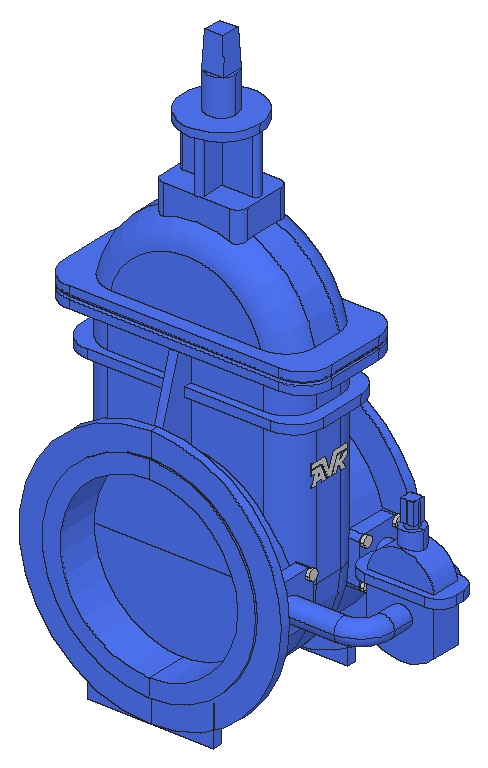
Revit family "54-3334-001 DN350-600", category Pipe Accessories, Revit 2022
Family settings
  Round Connector Dimension = Use Diameter
  Part Type = Valve - Breaks Into
  Work Plane-Based = No
  Always vertical = No
  Cut with Voids When Loaded = No
  Shared = No
Parameters (values of type "54-0400-33-0101100")
  wedge_dim1 = Body_W * 1.1  # 217.80 mm
  sweep = size_lookup(Search_table, "sweep", 0.00 mm, DN)  # 4.00 mm
  stem_dim = F1 * 1.4  # 67.20 mm
  bypass_sweep_dis = W1 * 0.8  # 429.60 mm
  bottom_rib = OD * 0.5  # 282.50 mm
  W_half = W - W1  # 302.00 mm
  W1/2 = W1 / 2  # 268.50 mm
  W1 = size_lookup(Search_table, "W1", 0.00 mm, DN)  # 537.00 mm
  W-W1 = W - W1  # 302.00 mm
  W = size_lookup(Search_table, "W", 0.00 mm, DN)  # 839.00 mm
  Stem_dim = F2 / 2  # 81.00 mm
  Rib_W = (Bonnet_FL_W * 0.9) / 2  # 118.80 mm
  Rib_L = (Bonnet_FL_L * 0.9) / 2  # 271.80 mm
  Rib_H = Body_H * 0.8  # 342.80 mm
  Raised_dis = size_lookup(Search_table, "Raised_dis", 0.00 mm, DN)  # 4.00 mm
  Raised_dia = size_lookup(Search_table, "Raised_dia", 0.00 mm, DN)  # 480.00 mm
  PN = size_lookup(Search_table, "PN", 0.00 mm, DN)  # 10.00 mm
  OD = size_lookup(Search_table, "OD", 0.00 mm, DN)  # 565.00 mm
  L = size_lookup(Search_table, "L", 0.00 mm, DN)  # 406.00 mm
  H2 = size_lookup(Search_table, "H2", 0.00 mm, DN)  # 295.00 mm
  H1 = size_lookup(Search_table, "H1", 0.00 mm, DN)  # 857.00 mm
  H = 782.00 mm
  Fillet = Body_W / 3  # 66.00 mm
  FL_T = size_lookup(Search_table, "FL_T", 0.00 mm, DN)  # 24.50 mm
  F2 = size_lookup(Search_table, "F2", 0.00 mm, DN)  # 162.00 mm
  F1 = size_lookup(Search_table, "F1", 0.00 mm, DN)  # 48.00 mm
  F = size_lookup(Search_table, "F", 0.00 mm, DN)  # 40.00 mm
  DN = 400.00 mm
  Description_ = "AVK GATE VALVE, FLANGED, METAL SEATED, PN10/16"
  Default Elevation = 0.00 mm
  Search_table = "54-3334-001 DN350-600"
  URL product pages = "https://www.avkvalves.com/P.aspx?no=540350330101100"
  Cut_dis = Bonnet_FL_T / 2  # 23.275 mm
  Bypass_valve_H3 = Bypass_DN * 4.5  # 225.00 mm
  Bypass_valve_H2 = Bypass_DN * 1.2  # 60.00 mm
  Bypass_valve_W2 = Body_W / 3  # 66.00 mm
  Bypass_valve_H1 = Bypass_DN * 1.8  # 90.00 mm
  Bypass_valve_W1 = W1 * 0.94  # 504.78 mm
  Bypass_dis/2 = Bypass_dis / 2  # 228.225 mm
  Bypass_dis = W1 * 0.85  # 456.45 mm
  Bypass_dim3 = Bypass_dim1 * 0.43  # 48.59 mm
  Bypass_dim2 = Bypass_dim1 * 0.1  # 11.30 mm
  Bypass_dim1 = OD * 0.2  # 113.00 mm
  Bypass_DN = size_lookup(Search_table, "Bypass_DN", 0.00 mm, DN)  # 50.00 mm
  By_Vale_StemR2 = Bypass_valve_W2 / 2.5  # 26.40 mm
  By_Vale_StemR1 = Bypass_valve_W2 / 4.5  # 14.667 mm
  By_Vale_StemH2 = By_Vale_StemH1 * 1.05  # 177.188 mm
  By_Vale_StemH1 = Bypass_valve_H3 * 0.75  # 168.75 mm
  Bore = DN / 2  # 200.00 mm
  Bonnet_fillet = Fillet / 3  # 22.00 mm
  Bonnet_dim3 = H1 * 0.83  # 711.31 mm
  Bonnet_dim2 = Body_W * 0.35  # 69.30 mm
  Bonnet_dim1 = Body_L * 0.2  # 96.64 mm
  Bonnet_FL_W = size_lookup(Search_table, "Bonnet_FL_W", 0.00 mm, DN)  # 264.00 mm
  Bonnet_FL_T = FL_T * 1.9  # 46.55 mm
  Bonnet_FL_L = size_lookup(Search_table, "Bonnet_FL_L", 0.00 mm, DN)  # 604.00 mm
  Body_rib_T = FL_T * 0.4  # 9.80 mm
  Body_T = size_lookup(Search_table, "Body_T", 0.00 mm, DN) / 2  # 192.50 mm
  Body_W = Bonnet_FL_W * 0.75  # 198.00 mm
  Body_L = Bonnet_FL_L * 0.8  # 483.20 mm
  Body_H = H1 / 2  # 428.50 mm
  BP_centre = Bypass_dim1 / 2  # 56.50 mm
  Actuator_FLR = size_lookup(Search_table, "Actuator_FLR", 0.00 mm, DN) / 2  # 87.50 mm
  ADN = size_lookup(Search_table, "ADN", 0.00 mm, DN)  # 400.00 mm
  ACtuator_T = Body_rib_T * 1.8  # 17.64 mm
  54-0600-34-1101100 = "DN600_ PN16_ CTO"
  54-0600-34-0101100 = "DN600_ PN10_ CTO"
  54-0600-33-1102100 = "DN600_ PN16_ CTC"
  54-0600-33-1101100 = "DN600_ PN16_ CTC"
  54-0600-33-0101100 = "DN600_ PN10_ CTC"
  54-0500-34-1101100 = "DN500_ PN16_ CTO"
  54-0500-34-0101100 = "DN500_ PN10_ CTO"
  54-0500-33-1102100 = "DN500_ PN16_ CTC"
  54-0500-33-1101100 = "DN500_ PN16_ CTC"
  54-0500-33-0102100 = "DN500_ PN10_ CTC"
  54-0500-33-0101100 = "DN500_ PN10_ CTC"
  54-0450-34-1101100 = "DN450_ PN16_ CTO"
  54-0450-34-0101100 = "DN450_ PN10_ CTO"
  54-0450-33-1102100 = "DN450_ PN16_ CTC"
  54-0450-33-1101100 = "DN450_ PN16_ CTC"
  54-0450-33-0101100 = "DN450_ PN10_ CTC"
  54-0400-34-1101100 = "DN400_PN16_ CTO"
  54-0400-34-0101100 = "DN400_ PN10_ CTO"
  54-0400-33-1102100 = "DN400_ PN16_ CTC"
  54-0400-33-1101100 = "DN400_ PN16_ CTC"
  54-0400-33-0101100 = "DN400_ PN10_ CTC"
  54-0350-34-1101100 = "DN350_ PN16_ CTO"
  54-0350-34-0101100 = "DN350_ PN10_ CTO"
  54-0350-33-1101100 = "DN350_ PN16_ CTC"
  54-0350-33-0101100 = "DN350_ PN10_ CTC"
  50 = 40.00 mm  # constant formula
  1 = 1.00 mm  # constant formula
Types (26, lengths in mm): name | wedge_dim1 | bypass_sweep_dis | bottom_rib | W_half | W1/2 | W1 | W-W1 | W | Rib_W | Rib_L | Rib_H | Raised_dis | Raised_dia | PN | OD | L | H2 | H1 | Fillet | FL_T | DN | Cut_dis | Bypass_valve_H3 | Bypass_valve_H2 | Bypass_valve_W2 | Bypass_valve_H1 | Bypass_valve_W1 | Bypass_dis/2 | Bypass_dis | Bypass_dim3 | Bypass_dim2 | Bypass_dim1 | Bypass_DN | By_Vale_StemR2 | By_Vale_StemR1 | By_Vale_StemH2 | By_Vale_StemH1 | Bore | Bonnet_fillet | Bonnet_dim3 | Bonnet_dim2 | Bonnet_dim1 | Bonnet_FL_W | Bonnet_FL_T | Bonnet_FL_L | Body_rib_T | Body_T | Body_W | Body_L | Body_H | BP_centre | Actuator_FLR | ADN | ACtuator_T
  (no name) | 217.80 | 429.60 | 282.50 | 302.00 | 268.50 | 537.00 | 302.00 | 839.00 | 118.80 | 271.80 | 342.80 | 4.00 | 480.00 | 10.00 | 565.00 | 406.00 | 295.00 | 857.00 | 66.00 | 24.50 | 400.00 | 23.275 | 225.00 | 60.00 | 66.00 | 90.00 | 504.78 | 228.225 | 456.45 | 48.59 | 11.30 | 113.00 | 50.00 | 26.40 | 14.667 | 177.188 | 168.75 | 200.00 | 22.00 | 711.31 | 69.30 | 96.64 | 264.00 | 46.55 | 604.00 | 9.80 | 192.50 | 198.00 | 483.20 | 428.50 | 56.50 | 87.50 | 400.00 | 17.64
  54-0350-33-0101100 | 217.80 | 405.60 | 252.50 | 280.00 | 253.50 | 507.00 | 280.00 | 787.00 | 118.80 | 252.00 | 312.80 | 4.00 | 429.00 | 10.00 | 505.00 | 381.00 | 265.00 | 782.00 | 66.00 | 24.50 | 350.00 | 23.275 | 225.00 | 60.00 | 66.00 | 90.00 | 476.58 | 215.475 | 430.95 | 43.43 | 10.10 | 101.00 | 50.00 | 26.40 | 14.667 | 177.188 | 168.75 | 175.00 | 22.00 | 649.06 | 69.30 | 89.60 | 264.00 | 46.55 | 560.00 | 9.80 | 167.50 | 198.00 | 448.00 | 391.00 | 50.50 | 87.50 | 350.00 | 17.64
  54-0350-33-1101100 | 217.80 | 405.60 | 265.00 | 280.00 | 253.50 | 507.00 | 280.00 | 787.00 | 118.80 | 252.00 | 312.80 | 4.00 | 429.00 | 16.00 | 530.00 | 381.00 | 265.00 | 782.00 | 66.00 | 26.50 | 350.10 | 25.175 | 225.00 | 60.00 | 66.00 | 90.00 | 476.58 | 215.475 | 430.95 | 45.58 | 10.60 | 106.00 | 50.00 | 26.40 | 14.667 | 177.188 | 168.75 | 175.05 | 22.00 | 649.06 | 69.30 | 89.60 | 264.00 | 50.35 | 560.00 | 10.60 | 167.50 | 198.00 | 448.00 | 391.00 | 53.00 | 87.50 | 350.00 | 19.08
  54-0350-34-0101100 | 217.80 | 405.60 | 252.50 | 280.00 | 253.50 | 507.00 | 280.00 | 787.00 | 118.80 | 252.00 | 312.80 | 4.00 | 429.00 | 10.00 | 505.00 | 381.00 | 265.00 | 782.00 | 66.00 | 24.50 | 350.11 | 23.275 | 225.00 | 60.00 | 66.00 | 90.00 | 476.58 | 215.475 | 430.95 | 43.43 | 10.10 | 101.00 | 50.00 | 26.40 | 14.667 | 177.188 | 168.75 | 175.055 | 22.00 | 649.06 | 69.30 | 89.60 | 264.00 | 46.55 | 560.00 | 9.80 | 167.50 | 198.00 | 448.00 | 391.00 | 50.50 | 87.50 | 350.00 | 17.64
  54-0350-34-1101100 | 217.80 | 405.60 | 265.00 | 280.00 | 253.50 | 507.00 | 280.00 | 787.00 | 118.80 | 252.00 | 312.80 | 4.00 | 429.00 | 16.00 | 530.00 | 381.00 | 265.00 | 782.00 | 66.00 | 26.50 | 350.12 | 25.175 | 225.00 | 60.00 | 66.00 | 90.00 | 476.58 | 215.475 | 430.95 | 45.58 | 10.60 | 106.00 | 50.00 | 26.40 | 14.667 | 177.188 | 168.75 | 175.06 | 22.00 | 649.06 | 69.30 | 89.60 | 264.00 | 50.35 | 560.00 | 10.60 | 167.50 | 198.00 | 448.00 | 391.00 | 53.00 | 87.50 | 350.00 | 19.08
  54-0400-33-0101100 | 217.80 | 429.60 | 282.50 | 302.00 | 268.50 | 537.00 | 302.00 | 839.00 | 118.80 | 271.80 | 342.80 | 4.00 | 480.00 | 10.00 | 565.00 | 406.00 | 295.00 | 857.00 | 66.00 | 24.50 | 400.00 | 23.275 | 225.00 | 60.00 | 66.00 | 90.00 | 504.78 | 228.225 | 456.45 | 48.59 | 11.30 | 113.00 | 50.00 | 26.40 | 14.667 | 177.188 | 168.75 | 200.00 | 22.00 | 711.31 | 69.30 | 96.64 | 264.00 | 46.55 | 604.00 | 9.80 | 192.50 | 198.00 | 483.20 | 428.50 | 56.50 | 87.50 | 400.00 | 17.64
  54-0400-33-1101100 | 217.80 | 429.60 | 295.00 | 302.00 | 268.50 | 537.00 | 302.00 | 839.00 | 118.80 | 271.80 | 342.80 | 4.00 | 480.00 | 16.00 | 590.00 | 406.00 | 295.00 | 857.00 | 66.00 | 28.00 | 400.10 | 26.60 | 225.00 | 60.00 | 66.00 | 90.00 | 504.78 | 228.225 | 456.45 | 50.74 | 11.80 | 118.00 | 50.00 | 26.40 | 14.667 | 177.188 | 168.75 | 200.05 | 22.00 | 711.31 | 69.30 | 96.64 | 264.00 | 53.20 | 604.00 | 11.20 | 192.50 | 198.00 | 483.20 | 428.50 | 59.00 | 87.50 | 400.00 | 20.16
  54-0400-33-1102100 | 217.80 | 429.60 | 295.00 | 302.00 | 268.50 | 537.00 | 302.00 | 839.00 | 118.80 | 271.80 | 342.80 | 4.00 | 480.00 | 16.00 | 590.00 | 406.00 | 295.00 | 857.00 | 66.00 | 28.00 | 400.11 | 26.60 | 225.00 | 60.00 | 66.00 | 90.00 | 504.78 | 228.225 | 456.45 | 50.74 | 11.80 | 118.00 | 50.00 | 26.40 | 14.667 | 177.188 | 168.75 | 200.055 | 22.00 | 711.31 | 69.30 | 96.64 | 264.00 | 53.20 | 604.00 | 11.20 | 192.50 | 198.00 | 483.20 | 428.50 | 59.00 | 105.00 | 400.00 | 20.16
  54-0400-34-0101100 | 217.80 | 429.60 | 282.50 | 302.00 | 268.50 | 537.00 | 302.00 | 839.00 | 118.80 | 271.80 | 342.80 | 4.00 | 480.00 | 10.00 | 565.00 | 406.00 | 295.00 | 857.00 | 66.00 | 24.50 | 400.12 | 23.275 | 225.00 | 60.00 | 66.00 | 90.00 | 504.78 | 228.225 | 456.45 | 48.59 | 11.30 | 113.00 | 50.00 | 26.40 | 14.667 | 177.188 | 168.75 | 200.06 | 22.00 | 711.31 | 69.30 | 96.64 | 264.00 | 46.55 | 604.00 | 9.80 | 192.50 | 198.00 | 483.20 | 428.50 | 56.50 | 87.50 | 400.00 | 17.64
  54-0400-34-1101100 | 217.80 | 429.60 | 295.00 | 302.00 | 268.50 | 537.00 | 302.00 | 839.00 | 118.80 | 271.80 | 342.80 | 4.00 | 480.00 | 16.00 | 590.00 | 406.00 | 295.00 | 857.00 | 66.00 | 28.00 | 400.13 | 26.60 | 225.00 | 60.00 | 66.00 | 90.00 | 504.78 | 228.225 | 456.45 | 50.74 | 11.80 | 118.00 | 50.00 | 26.40 | 14.667 | 177.188 | 168.75 | 200.065 | 22.00 | 711.31 | 69.30 | 96.64 | 264.00 | 53.20 | 604.00 | 11.20 | 192.50 | 198.00 | 483.20 | 428.50 | 59.00 | 87.50 | 400.00 | 20.16
  54-0450-33-0101100 | 239.25 | 477.60 | 307.50 | 335.00 | 298.50 | 597.00 | 335.00 | 932.00 | 130.50 | 301.50 | 377.60 | 4.00 | 530.00 | 10.00 | 615.00 | 432.00 | 325.00 | 944.00 | 72.50 | 25.50 | 450.00 | 24.225 | 360.00 | 96.00 | 72.50 | 144.00 | 561.18 | 253.725 | 507.45 | 52.89 | 12.30 | 123.00 | 80.00 | 29.00 | 16.111 | 283.50 | 270.00 | 225.00 | 24.167 | 783.52 | 76.125 | 107.20 | 290.00 | 48.45 | 670.00 | 10.20 | 217.50 | 217.50 | 536.00 | 472.00 | 61.50 | 87.50 | 450.00 | 18.36
  54-0450-33-1101100 | 239.25 | 477.60 | 325.00 | 335.00 | 298.50 | 597.00 | 335.00 | 932.00 | 130.50 | 301.50 | 377.60 | 4.00 | 548.00 | 16.00 | 650.00 | 432.00 | 325.00 | 944.00 | 72.50 | 30.00 | 450.10 | 28.50 | 360.00 | 96.00 | 72.50 | 144.00 | 561.18 | 253.725 | 507.45 | 55.90 | 13.00 | 130.00 | 80.00 | 29.00 | 16.111 | 283.50 | 270.00 | 225.05 | 24.167 | 783.52 | 76.125 | 107.20 | 290.00 | 57.00 | 670.00 | 12.00 | 217.50 | 217.50 | 536.00 | 472.00 | 65.00 | 87.50 | 450.00 | 21.60
  54-0450-33-1102100 | 239.25 | 477.60 | 325.00 | 335.00 | 298.50 | 597.00 | 335.00 | 932.00 | 130.50 | 301.50 | 377.60 | 4.00 | 548.00 | 16.00 | 650.00 | 432.00 | 325.00 | 944.00 | 72.50 | 30.00 | 450.11 | 28.50 | 360.00 | 96.00 | 72.50 | 144.00 | 561.18 | 253.725 | 507.45 | 55.90 | 13.00 | 130.00 | 80.00 | 29.00 | 16.111 | 283.50 | 270.00 | 225.055 | 24.167 | 783.52 | 76.125 | 107.20 | 290.00 | 57.00 | 670.00 | 12.00 | 217.50 | 217.50 | 536.00 | 472.00 | 65.00 | 105.00 | 450.00 | 21.60
  54-0450-34-0101100 | 239.25 | 477.60 | 307.50 | 335.00 | 298.50 | 597.00 | 335.00 | 932.00 | 130.50 | 301.50 | 377.60 | 4.00 | 530.00 | 10.00 | 615.00 | 432.00 | 325.00 | 944.00 | 72.50 | 25.50 | 450.12 | 24.225 | 360.00 | 96.00 | 72.50 | 144.00 | 561.18 | 253.725 | 507.45 | 52.89 | 12.30 | 123.00 | 80.00 | 29.00 | 16.111 | 283.50 | 270.00 | 225.06 | 24.167 | 783.52 | 76.125 | 107.20 | 290.00 | 48.45 | 670.00 | 10.20 | 217.50 | 217.50 | 536.00 | 472.00 | 61.50 | 87.50 | 450.00 | 18.36
  54-0450-34-1101100 | 239.25 | 477.60 | 325.00 | 335.00 | 298.50 | 597.00 | 335.00 | 932.00 | 130.50 | 301.50 | 377.60 | 4.00 | 548.00 | 16.00 | 650.00 | 432.00 | 325.00 | 944.00 | 72.50 | 30.00 | 450.13 | 28.50 | 360.00 | 96.00 | 72.50 | 144.00 | 561.18 | 253.725 | 507.45 | 55.90 | 13.00 | 130.00 | 80.00 | 29.00 | 16.111 | 283.50 | 270.00 | 225.065 | 24.167 | 783.52 | 76.125 | 107.20 | 290.00 | 57.00 | 670.00 | 12.00 | 217.50 | 217.50 | 536.00 | 472.00 | 65.00 | 87.50 | 450.00 | 21.60
  54-0500-33-0101100 | 239.25 | 509.60 | 335.00 | 365.00 | 318.50 | 637.00 | 365.00 | 1002.00 | 130.50 | 301.50 | 406.80 | 4.00 | 582.00 | 10.00 | 670.00 | 457.00 | 365.00 | 1017.00 | 72.50 | 26.50 | 500.00 | 25.175 | 360.00 | 96.00 | 72.50 | 144.00 | 598.78 | 270.725 | 541.45 | 57.62 | 13.40 | 134.00 | 80.00 | 29.00 | 16.111 | 283.50 | 270.00 | 250.00 | 24.167 | 844.11 | 76.125 | 107.20 | 290.00 | 50.35 | 670.00 | 10.60 | 217.50 | 217.50 | 536.00 | 508.50 | 67.00 | 87.50 | 450.00 | 19.08
  54-0500-33-0102100 | 239.25 | 509.60 | 335.00 | 365.00 | 318.50 | 637.00 | 365.00 | 1002.00 | 130.50 | 301.50 | 406.80 | 4.00 | 582.00 | 10.00 | 670.00 | 457.00 | 365.00 | 1017.00 | 72.50 | 26.50 | 500.10 | 25.175 | 360.00 | 96.00 | 72.50 | 144.00 | 598.78 | 270.725 | 541.45 | 57.62 | 13.40 | 134.00 | 80.00 | 29.00 | 16.111 | 283.50 | 270.00 | 250.05 | 24.167 | 844.11 | 76.125 | 107.20 | 290.00 | 50.35 | 670.00 | 10.60 | 217.50 | 217.50 | 536.00 | 508.50 | 67.00 | 105.00 | 450.00 | 19.08
  54-0500-33-1101100 | 247.50 | 509.60 | 365.00 | 365.00 | 318.50 | 637.00 | 365.00 | 1002.00 | 135.00 | 328.50 | 406.80 | 4.00 | 609.00 | 16.00 | 730.00 | 457.00 | 365.00 | 1017.00 | 75.00 | 31.50 | 500.11 | 29.925 | 360.00 | 96.00 | 75.00 | 144.00 | 598.78 | 270.725 | 541.45 | 62.78 | 14.60 | 146.00 | 80.00 | 30.00 | 16.667 | 283.50 | 270.00 | 250.055 | 25.00 | 844.11 | 78.75 | 116.80 | 300.00 | 59.85 | 730.00 | 12.60 | 242.50 | 225.00 | 584.00 | 508.50 | 73.00 | 87.50 | 500.00 | 22.68
  54-0500-33-1102100 | 247.50 | 509.60 | 365.00 | 365.00 | 318.50 | 637.00 | 365.00 | 1002.00 | 135.00 | 328.50 | 406.80 | 4.00 | 609.00 | 16.00 | 730.00 | 457.00 | 365.00 | 1017.00 | 75.00 | 31.50 | 500.12 | 29.925 | 360.00 | 96.00 | 75.00 | 144.00 | 598.78 | 270.725 | 541.45 | 62.78 | 14.60 | 146.00 | 80.00 | 30.00 | 16.667 | 283.50 | 270.00 | 250.06 | 25.00 | 844.11 | 78.75 | 116.80 | 300.00 | 59.85 | 730.00 | 12.60 | 242.50 | 225.00 | 584.00 | 508.50 | 73.00 | 105.00 | 500.00 | 22.68
  54-0500-34-0101100 | 247.50 | 509.60 | 335.00 | 365.00 | 318.50 | 637.00 | 365.00 | 1002.00 | 135.00 | 328.50 | 406.80 | 4.00 | 582.00 | 10.00 | 670.00 | 457.00 | 365.00 | 1017.00 | 75.00 | 26.50 | 500.13 | 25.175 | 360.00 | 96.00 | 75.00 | 144.00 | 598.78 | 270.725 | 541.45 | 57.62 | 13.40 | 134.00 | 80.00 | 30.00 | 16.667 | 283.50 | 270.00 | 250.065 | 25.00 | 844.11 | 78.75 | 116.80 | 300.00 | 50.35 | 730.00 | 10.60 | 242.50 | 225.00 | 584.00 | 508.50 | 67.00 | 87.50 | 500.00 | 19.08
  54-0500-34-1101100 | 247.50 | 509.60 | 365.00 | 365.00 | 318.50 | 637.00 | 365.00 | 1002.00 | 135.00 | 328.50 | 406.80 | 4.00 | 609.00 | 16.00 | 730.00 | 457.00 | 365.00 | 1017.00 | 75.00 | 31.50 | 500.14 | 29.925 | 360.00 | 96.00 | 75.00 | 144.00 | 598.78 | 270.725 | 541.45 | 62.78 | 14.60 | 146.00 | 80.00 | 30.00 | 16.667 | 283.50 | 270.00 | 250.07 | 25.00 | 844.11 | 78.75 | 116.80 | 300.00 | 59.85 | 730.00 | 12.60 | 242.50 | 225.00 | 584.00 | 508.50 | 73.00 | 87.50 | 500.00 | 22.68
  54-0600-33-0101100 | 247.50 | 557.60 | 390.00 | 420.00 | 348.50 | 697.00 | 420.00 | 1117.00 | 135.00 | 328.50 | 471.20 | 4.00 | 682.00 | 10.00 | 780.00 | 508.00 | 440.00 | 1178.00 | 75.00 | 30.00 | 600.00 | 28.50 | 360.00 | 96.00 | 75.00 | 144.00 | 655.18 | 296.225 | 592.45 | 67.08 | 15.60 | 156.00 | 80.00 | 30.00 | 16.667 | 283.50 | 270.00 | 300.00 | 25.00 | 977.74 | 78.75 | 116.80 | 300.00 | 57.00 | 730.00 | 12.00 | 242.50 | 225.00 | 584.00 | 589.00 | 78.00 | 87.50 | 500.00 | 21.60
  54-0600-33-1101100 | 247.50 | 557.60 | 365.00 | 420.00 | 348.50 | 697.00 | 420.00 | 1117.00 | 135.00 | 328.50 | 471.20 | 4.00 | 609.00 | 16.00 | 730.00 | 508.00 | 440.00 | 1178.00 | 75.00 | 36.00 | 600.10 | 34.20 | 360.00 | 96.00 | 75.00 | 144.00 | 655.18 | 296.225 | 592.45 | 62.78 | 14.60 | 146.00 | 80.00 | 30.00 | 16.667 | 283.50 | 270.00 | 300.05 | 25.00 | 977.74 | 78.75 | 116.80 | 300.00 | 68.40 | 730.00 | 14.40 | 242.50 | 225.00 | 584.00 | 589.00 | 73.00 | 87.50 | 500.00 | 25.92
  54-0600-33-1102100 | 275.55 | 557.60 | 440.00 | 420.00 | 348.50 | 697.00 | 420.00 | 1117.00 | 150.30 | 375.30 | 471.20 | 5.00 | 720.00 | 16.00 | 880.00 | 508.00 | 440.00 | 1178.00 | 83.50 | 36.00 | 600.11 | 34.20 | 360.00 | 96.00 | 83.50 | 144.00 | 655.18 | 296.225 | 592.45 | 75.68 | 17.60 | 176.00 | 80.00 | 33.40 | 18.556 | 283.50 | 270.00 | 300.055 | 27.833 | 977.74 | 87.675 | 133.44 | 334.00 | 68.40 | 834.00 | 14.40 | 292.50 | 250.50 | 667.20 | 589.00 | 88.00 | 105.00 | 600.00 | 25.92
  54-0600-34-0101100 | 275.55 | 557.60 | 390.00 | 420.00 | 348.50 | 697.00 | 420.00 | 1117.00 | 150.30 | 375.30 | 471.20 | 5.00 | 682.00 | 10.00 | 780.00 | 508.00 | 440.00 | 1178.00 | 83.50 | 30.00 | 600.12 | 28.50 | 360.00 | 96.00 | 83.50 | 144.00 | 655.18 | 296.225 | 592.45 | 67.08 | 15.60 | 156.00 | 80.00 | 33.40 | 18.556 | 283.50 | 270.00 | 300.06 | 27.833 | 977.74 | 87.675 | 133.44 | 334.00 | 57.00 | 834.00 | 12.00 | 292.50 | 250.50 | 667.20 | 589.00 | 78.00 | 87.50 | 600.00 | 21.60
  54-0600-34-1101100 | 275.55 | 557.60 | 440.00 | 420.00 | 348.50 | 697.00 | 420.00 | 1117.00 | 150.30 | 375.30 | 471.20 | 5.00 | 720.00 | 16.00 | 880.00 | 508.00 | 440.00 | 1178.00 | 83.50 | 36.00 | 600.13 | 34.20 | 360.00 | 96.00 | 83.50 | 144.00 | 655.18 | 296.225 | 592.45 | 75.68 | 17.60 | 176.00 | 80.00 | 33.40 | 18.556 | 283.50 | 270.00 | 300.065 | 27.833 | 977.74 | 87.675 | 133.44 | 334.00 | 68.40 | 834.00 | 14.40 | 292.50 | 250.50 | 667.20 | 589.00 | 88.00 | 87.50 | 600.00 | 25.92
Reference planes
  plane 1 "Center (Front/Back)": y = 0
  plane 2: z = 0
  plane 3 "Center (Left/Right)": x = 0
  plane 4: z = 200
  plane 5: y = 190.5
  plane 6: y = -190.5
  plane 7: x = -302
  plane 8: y = 203
  plane 9: y = -203
  plane 10: y = 178.5
  plane 11: y = -178.5
  plane 12: z = 282.5
  plane 13: z = -282.5
  plane 14: z = 295
  plane 15: z = -295
  plane 16: z = 240
  plane 17: z = -240
  plane 18: y = 99
  plane 19: y = -99
  plane 20: x = -241.6
  plane 21: x = 241.6
  plane 22: z = 428.5
  plane 23: y = 132
  plane 24: y = -132
  plane 25: x = -302
  plane 26: x = 302
  plane 27: z = 475.05
  plane 28: z = 857
  plane 29: y = 132
  plane 30: y = -132
  plane 31: z = 711.31
  plane 32: z = 342.8
  plane 33: z = 277.5
  plane 34: y = -132
  plane 35: y = 132
  plane 36: z = 1019
  plane 37: y = 24
  plane 38: y = -24
  plane 39: x = 24
  plane 40: x = -24
  plane 41: x = -20
  plane 42: x = 20
  plane 43: y = -20
  plane 44: y = 20
  plane 45: z = 56.5
  plane 46: z = -56.5
  plane 47: x = 268.5
  plane 48: y = 65.5
  plane 49: z = 56.5
  plane 50: z = -56.5
  plane 51: y = -65.5
  plane 52: x = 258.7
  plane 53: y = -65.5
  plane 54: y = 108.9
  plane 55: y = -108.9
  plane 56: x = -141.25
  plane 57: x = 141.25
  plane 58: z = -200
  plane 59: y = -199
  plane 60: y = 199
  plane 61: x = -141.25
  plane 62: x = 141.25
  plane 63: z = -200
  plane 64: x = -20
  plane 65: x = 20
  plane 66: x = -24
  plane 67: x = 24
  plane 68: x = -87.5
  plane 69: x = 87.5
  plane 70: x = 429.6
  plane 71: x = 537
  plane 72: y = -33
  plane 73: y = 33
  plane 74: z = 60
  plane 75: z = 225
  plane 76: z = 47.122
  plane 77: z = -295
Forms (mm)
  Revolve 1, solid, material "Plastic"
    sketch origin (0, 0, 0) x (0, 1, 0) y (0, 0, 1)
      loop
        line (203, 200) -> (203, 240) -> (199, 240) -> (199, 295) -> (178.5, 295) -> (178.5, 224.5) -> (-178.5, 224.5) -> (-178.5, 295) -> (-199, 295) -> (-199, 240) -> (-203, 240) -> (-203, 200) -> (203, 200)
      axis (203, 0) -> (-203, 0)
    angle from 0 to 360
  Extrusion 2, solid, material "Plastic"
    sketch origin (0, 0, 0) x (1, 0, 0) y (0, 1, 0)
      loop
        arc (-175.6, 99) -> (-222.269, 79.669) -> (-241.6, 33) r 66
        line (-241.6, 33) -> (-241.6, -33)
        arc (-241.6, -33) -> (-222.269, -79.669) -> (-175.6, -99) r 66
        line (-175.6, -99) -> (175.6, -99)
        arc (175.6, -99) -> (222.269, -79.669) -> (241.6, -33) r 66
        line (241.6, -33) -> (241.6, 33)
        arc (241.6, 33) -> (222.269, 79.669) -> (175.6, 99) r 66
        line (175.6, 99) -> (-175.6, 99)
    from 0 to 428.5
  Revolve 3, solid, material "Plastic"
    sketch origin (0, 0, 0) x (1, 0, 0) y (0, 1, 0)
      loop
        arc (-175.6, 99) -> (-222.269, 79.669) -> (-241.6, 33) r 66
        line (-241.6, 33) -> (-241.6, -33)
        arc (-241.6, -33) -> (-222.269, -79.669) -> (-175.6, -99) r 66
        line (-175.6, -99) -> (0, -99) -> (0, 99) -> (-175.6, 99)
      axis (0, 99) -> (0, -99)
    angle from 0 to 180
  Extrusion 4, solid, material "Plastic"
    sketch origin (0, 417.889, 428.5) x (0, 1, 0) y (-1, 0, 0)
      loop
        arc (-285.889, 236) -> (-305.22, 282.669) -> (-351.889, 302) r 66
        line (-351.889, 302) -> (-483.889, 302)
        arc (-483.889, 302) -> (-530.558, 282.669) -> (-549.889, 236) r 66
        line (-549.889, 236) -> (-549.889, -236)
        arc (-549.889, -236) -> (-530.558, -282.669) -> (-483.889, -302) r 66
        line (-483.889, -302) -> (-351.889, -302)
        arc (-351.889, -302) -> (-305.22, -282.669) -> (-285.889, -236) r 66
        line (-285.889, -236) -> (-285.889, 236)
    from 0 to 46.55
  Revolve 5, solid, material "Plastic"
    sketch origin (0, 417.889, 428.5) x (0, 1, 0) y (-1, 0, 0)
      loop
        arc (-384.889, -241.6) -> (-338.22, -222.269) -> (-318.889, -175.6) r 66
        line (-318.889, -175.6) -> (-318.889, 0) -> (-516.889, 0) -> (-516.889, -175.6)
        arc (-516.889, -175.6) -> (-497.558, -222.269) -> (-450.889, -241.6) r 66
        line (-450.889, -241.6) -> (-384.889, -241.6)
      axis (-318.889, 0) -> (-516.889, 0)
    angle from 360 to 180
  Sweep 6, void
    path in 3D
      loop
        arc (-236, 132, 475.05) -> (-282.669, 112.669, 475.05) -> (-302, 66, 475.05) r 66
        line (-302, 66, 475.05) -> (-302, -66, 475.05)
        arc (-302, -66, 475.05) -> (-282.669, -112.669, 475.05) -> (-236, -132, 475.05) r 66
        line (-236, -132, 475.05) -> (236, -132, 475.05)
        arc (236, -132, 475.05) -> (282.669, -112.669, 475.05) -> (302, -66, 475.05) r 66
        line (302, -66, 475.05) -> (302, 66, 475.05)
        arc (302, 66, 475.05) -> (282.669, 112.669, 475.05) -> (236, 132, 475.05) r 66
        line (236, 132, 475.05) -> (-236, 132, 475.05)
    profile origin (0, 132, 475.05) x (0, -1, 0) y (0, 0, 1)
      loop
        circle (0, -23.275) r 4
  Extrusion 7, solid, material "Plastic"
    sketch origin (0, 417.889, 428.5) x (0, 1, 0) y (-1, 0, 0)
      loop
        arc (-348.589, 74.64) -> (-355.033, 90.196) -> (-370.589, 96.64) r 22
        line (-370.589, 96.64) -> (-465.189, 96.64)
        arc (-465.189, 96.64) -> (-480.745, 90.196) -> (-487.189, 74.64) r 22
        line (-487.189, 74.64) -> (-487.189, -74.64)
        arc (-487.189, -74.64) -> (-480.745, -90.196) -> (-465.189, -96.64) r 22
        line (-465.189, -96.64) -> (-370.589, -96.64)
        arc (-370.589, -96.64) -> (-355.033, -90.196) -> (-348.589, -74.64) r 22
        line (-348.589, -74.64) -> (-348.589, 74.64)
    from 282.81 to 0
  Extrusion 8, solid, material "Plastic"
    sketch origin (-848.252, -1524, 342.8) x (-1, 0, 0) y (0, -1, 0)
      loop
        arc (-642.452, -1642.8) -> (-595.783, -1623.469) -> (-576.452, -1576.8) r 66
        line (-576.452, -1576.8) -> (-576.452, -1471.2)
        arc (-576.452, -1471.2) -> (-595.783, -1424.531) -> (-642.452, -1405.2) r 66
        line (-642.452, -1405.2) -> (-1054.052, -1405.2)
        arc (-1054.052, -1405.2) -> (-1100.721, -1424.531) -> (-1120.052, -1471.2) r 66
        line (-1120.052, -1471.2) -> (-1120.052, -1576.8)
        arc (-1120.052, -1576.8) -> (-1100.721, -1623.469) -> (-1054.052, -1642.8) r 66
        line (-1054.052, -1642.8) -> (-642.452, -1642.8)
    from -9.8 to 9.8
  Extrusion 9, solid, material "Plastic"
    sketch origin (0, 0, 0) x (0, 1, 0) y (0, 0, 1)
      loop
        line (132, 428.5) -> (99, 428.5) -> (99, 200) -> (178.5, 200) -> (178.5, 282.5) -> (132, 428.5)
      loop
        line (-132, 428.5) -> (-178.5, 282.5) -> (-178.5, 200) -> (-99, 200) -> (-99, 428.5) -> (-132, 428.5)
    from -9.8 to 9.8
  Extrusion 10, solid, material "Plastic"
    sketch origin (-736.328, -1524, 857) x (-1, 0, 0) y (0, -1, 0)
      loop
        circle (-736.328, -1524) r 87.5
    from 0 to -17.64
  Extrusion 11, solid, material "Plastic"
    sketch origin (-736.328, -1524, 857) x (-1, 0, 0) y (0, -1, 0)
      loop
        line (-726.528, -1533.8) -> (-658.628, -1533.8)
        arc (-658.628, -1533.8) -> (-648.828, -1524) -> (-658.628, -1514.2) r 9.8
        line (-658.628, -1514.2) -> (-726.528, -1514.2) -> (-726.528, -1464.5)
        arc (-726.528, -1464.5) -> (-736.328, -1454.7) -> (-746.128, -1464.5) r 9.8
        line (-746.128, -1464.5) -> (-746.128, -1514.2) -> (-814.028, -1514.2)
        arc (-814.028, -1514.2) -> (-823.828, -1524) -> (-814.028, -1533.8) r 9.8
        line (-814.028, -1533.8) -> (-746.128, -1533.8) -> (-746.128, -1583.5)
        arc (-746.128, -1583.5) -> (-736.328, -1593.3) -> (-726.528, -1583.5) r 9.8
        line (-726.528, -1583.5) -> (-726.528, -1533.8)
    from -17.64 to -145.69
  Extrusion 12, solid, material "Plastic"
    sketch origin (-736.328, -1524, 857) x (-1, 0, 0) y (0, -1, 0)
      loop
        circle (-736.328, -1524) r 33.6
    from 0 to 81
  SweptBlend 13, solid, material "Plastic"
    path origin (0, 0, 0) x (1, 0, 0) y (0, 0, 1)
      loop
        line (0, 938) -> (0, 1019)
    profile origin (0, 0, 938) x (-1, 0, 0) y (0, -1, 0)
      loop
        line (24, 24) -> (-24, 24) -> (-24, -24) -> (24, -24) -> (24, 24)
    end profile origin (0, 0, 1019) x (-1, 0, 0) y (0, -1, 0)
      loop
        line (20, -20) -> (20, 20) -> (-20, 20) -> (-20, -20) -> (20, -20)
  Extrusion 14, solid, material "Plastic"
    sketch origin (0, 0, 0) x (0, 1, 0) y (0, 0, 1)
      loop
        line (167.2, 56.5) -> (76.8, 56.5)
        arc (76.8, 56.5) -> (68.81, 53.19) -> (65.5, 45.2) r 11.3
        line (65.5, 45.2) -> (65.5, -45.2)
        arc (65.5, -45.2) -> (68.81, -53.19) -> (76.8, -56.5) r 11.3
        line (76.8, -56.5) -> (167.2, -56.5)
        arc (167.2, -56.5) -> (175.19, -53.19) -> (178.5, -45.2) r 11.3
        line (178.5, -45.2) -> (178.5, 45.2)
        arc (178.5, 45.2) -> (175.19, 53.19) -> (167.2, 56.5) r 11.3
      loop
        line (-76.8, 56.5) -> (-167.2, 56.5)
        arc (-167.2, 56.5) -> (-175.19, 53.19) -> (-178.5, 45.2) r 11.3
        line (-178.5, 45.2) -> (-178.5, -45.2)
        arc (-178.5, -45.2) -> (-175.19, -53.19) -> (-167.2, -56.5) r 11.3
        line (-167.2, -56.5) -> (-76.8, -56.5)
        arc (-76.8, -56.5) -> (-68.81, -53.19) -> (-65.5, -45.2) r 11.3
        line (-65.5, -45.2) -> (-65.5, 45.2)
        arc (-65.5, 45.2) -> (-68.81, 53.19) -> (-76.8, 56.5) r 11.3
    from 228.225 to 258.7
  Extrusion 15, solid, material "Poche"
    sketch origin (0, 0, 0) x (0, 1, 0) y (0, 0, 1)
      loop
        circle (167.2, 45.2) r 11.3
      loop
        circle (76.8, 45.2) r 11.3
      loop
        circle (167.2, -45.2) r 11.3
      loop
        circle (76.8, -45.2) r 11.3
      loop
        circle (-167.2, 45.2) r 11.3
      loop
        circle (-76.8, 45.2) r 11.3
      loop
        circle (-167.2, -45.2) r 11.3
      loop
        circle (-76.8, -45.2) r 11.3
    from 268.5 to 258.7
  Extrusion 16, solid, material "Plastic"
    sketch origin (0, 0, 0) x (0, 1, 0) y (0, 0, 1)
      loop
        circle (-122, 0) r 48.59
      loop
        circle (122, 0) r 48.59
    from 200 to 228.225
  Revolve 17, solid, material "Plastic"
    sketch origin (0, 0, 0) x (1, 0, 0) y (0, 1, 0)
      loop
        line (0, 108.9) -> (0, -108.9) -> (200, -108.9) -> (200, 108.9) -> (0, 108.9)
      axis (0, 108.9) -> (0, -108.9)
    angle from 0 to 360
  Extrusion 18, solid, material "Plastic"
    sketch origin (0, 0, 0) x (1, 0, 0) y (0, 0, 1)
      loop
        line (-141.25, -201) -> (-141.25, -295) -> (141.25, -295) -> (141.25, -201) -> (-141.25, -201)
    from 178.5 to 198
  Extrusion 19, solid, material "Plastic"
    sketch origin (0, 0, 0) x (1, 0, 0) y (0, 0, 1)
      loop
        line (-141.25, -295) -> (141.25, -295) -> (141.25, -201) -> (-141.25, -201) -> (-141.25, -295)
    from -198 to -178.5
  Sweep 20, solid, material "Plastic"
    path origin (0, 0, 0) x (1, 0, 0) y (0, 1, 0)
      loop
        line (248.9, -132) -> (379.6, -132)
        arc (379.6, -132) -> (414.955, -117.355) -> (429.6, -82) r 50
        line (429.6, -82) -> (429.6, 82)
        arc (429.6, 82) -> (414.955, 117.355) -> (379.6, 132) r 50
        line (379.6, 132) -> (248.9, 132)
    profile origin (314.25, -132, 0) x (0, 1, 0) y (0, 0, 1)
      loop
        circle (0, 0) r 25
  Extrusion 21, solid, material "Plastic"
    sketch origin (0, 0, 0) x (1, 0, 0) y (0, 0, 1)
      loop
        arc (354.42, -60) -> (429.6, -90) -> (504.78, -60) r 109.201
        line (504.78, -60) -> (504.78, 60)
        arc (504.78, 60) -> (429.6, 135.18) -> (354.42, 60) r 75.18
        line (354.42, 60) -> (354.42, -60)
    from -33 to 33
  Extrusion 22, solid, material "Plastic"
    sketch origin (0, 0, 0) x (1, 0, 0) y (0, 1, 0)
      loop
        arc (362.2, 50) -> (333.916, 38.284) -> (322.2, 10) r 40
        line (322.2, 10) -> (322.2, -10)
        arc (322.2, -10) -> (333.916, -38.284) -> (362.2, -50) r 40
        line (362.2, -50) -> (497, -50)
        arc (497, -50) -> (525.284, -38.284) -> (537, -10) r 40
        line (537, -10) -> (537, 10)
        arc (537, 10) -> (525.284, 38.284) -> (497, 50) r 40
        line (497, 50) -> (362.2, 50)
    from 69.8 to 50.2
  Revolve 23, solid, material "Plastic"
    sketch origin (0, 0, 0) x (1, 0, 0) y (0, 0, 1)
      loop
        line (429.6, 60) -> (456, 60) -> (456, 168.75) -> (444.267, 168.75) -> (444.267, 225) -> (429.6, 225) -> (429.6, 60)
      axis (429.6, 60) -> (429.6, 225)
    angle from 0 to 360
  Extrusion 24, solid, material "Plastic"
    sketch origin (0, 0, 0) x (1, 0, 0) y (0, 0, 1)
      loop
        line (414.933, 225) -> (414.933, 177.188) -> (444.267, 177.188) -> (444.267, 225) -> (414.933, 225)
    from -14.667 to 14.667
Cuts and joins
  Sweep 6 cuts Extrusion 4
Lines and regions (mm)
  sketch lines
    curve 1: line (236, 132, 475.05) -> (-236, 132, 475.05)
    curve 2: arc (-302, 66, 475.05) -> (-282.669, 112.669, 475.05) -> (-236, 132, 475.05) r 66
    curve 3: line (-302, 66, 475.05) -> (-302, -66, 475.05)
    curve 4: arc (-236, -132, 475.05) -> (-282.669, -112.669, 475.05) -> (-302, -66, 475.05) r 66
    curve 5: line (-236, -132, 475.05) -> (236, -132, 475.05)
    curve 6: arc (302, -66, 475.05) -> (282.669, -112.669, 475.05) -> (236, -132, 475.05) r 66
    curve 7: line (302, -66, 475.05) -> (302, 66, 475.05)
    curve 8: arc (236, 132, 475.05) -> (282.669, 112.669, 475.05) -> (302, 66, 475.05) r 66
Dimensions and locks
  "Bore": plane 4 to level
  equal spacing: plane 5, plane 1 "Center (Front/Back)", plane 6
  plane 3 "Center (Left/Right)" to plane 7 = 302.00 mm
  "Bore": Revolve 1 sketch curve to level
  equal spacing: Revolve 1, plane 1 "Center (Front/Back)", Revolve 1
  equal spacing: Revolve 1 sketch curve, plane 1 "Center (Front/Back)", Revolve 1 sketch curve  (x3)
  equal spacing: plane 8, plane 1 "Center (Front/Back)", plane 9
  "L": plane 8 to plane 9
  equal spacing: plane 10, plane 1 "Center (Front/Back)", plane 11
  "FL_T": plane 8 to plane 10
  equal spacing: plane 13, level, plane 12
  "OD": plane 12 to plane 13
  "Raised_dis": plane 8 to Revolve 1
  equal spacing: plane 16, level, plane 17
  equal spacing: plane 14, level, plane 15
  "Raised_dia": plane 16 to plane 17
  "FL_T": Revolve 1 sketch curve to plane 4
  equal spacing: plane 19, plane 1 "Center (Front/Back)", plane 18
  "Body_W": plane 18 to plane 19
  equal spacing: plane 20, plane 3 "Center (Left/Right)", plane 21
  "Body_L": plane 20 to plane 21
  equal spacing: Extrusion 2 sketch curve, plane 3 "Center (Left/Right)", Extrusion 2 sketch curve
  equal spacing: Extrusion 2 sketch curve, plane 1 "Center (Front/Back)", Extrusion 2 sketch curve
  "Body_H": Extrusion 2 to level
  "Body_H": plane 22 to level
  equal spacing: Extrusion 4 sketch curve, plane 1 "Center (Front/Back)", Extrusion 4 sketch curve
  equal spacing: Extrusion 4 sketch curve, plane 3 "Center (Left/Right)", Extrusion 4 sketch curve
  equal spacing: plane 24, plane 1 "Center (Front/Back)", plane 23
  "Bonnet_FL_W": plane 23 to plane 24
  equal spacing: plane 25, plane 3 "Center (Left/Right)", plane 26
  "Bonnet_FL_T": plane 27 to plane 22
  "H1": plane 28 to level
  equal spacing: plane 29, plane 1 "Center (Front/Back)", plane 30
  "Bonnet_FL_W": plane 29 to plane 30
  equal spacing: plane 27, Sweep 6 sketch curve, plane 22
  "sweep": plane 29 to Sweep 6 sketch curve
  equal spacing: Extrusion 7 sketch curve, plane 3 "Center (Left/Right)", Extrusion 7 sketch curve
  equal spacing: Extrusion 7 sketch curve, plane 1 "Center (Front/Back)", Extrusion 7 sketch curve
  "Bonnet_dim2": plane 1 "Center (Front/Back)" to Extrusion 7 sketch curve
  "Bonnet_dim1": plane 3 "Center (Left/Right)" to Extrusion 7 sketch curve
  "Bonnet_dim3": plane 31 to level
  "Rib_H": plane 32 to level
  equal spacing: Extrusion 8 sketch curve, plane 1 "Center (Front/Back)", Extrusion 8 sketch curve
  equal spacing: Extrusion 8 sketch curve, plane 3 "Center (Left/Right)", Extrusion 8 sketch curve
  equal spacing: Extrusion 8, plane 32, Extrusion 8
  "Body_rib_T": plane 32 to Extrusion 8
  "Rib_W": plane 1 "Center (Front/Back)" to Extrusion 8 sketch curve
  "Rib_L": Extrusion 8 sketch curve to plane 3 "Center (Left/Right)"
  "OD": plane 13 to Extrusion 9 sketch curve  (x2)
  equal spacing: plane 35, plane 1 "Center (Front/Back)", plane 34
  "Bonnet_FL_W": plane 35 to plane 34
  "Bonnet_FL_W": Extrusion 9 sketch curve to plane 34
  "Bonnet_FL_W": plane 35 to Extrusion 9 sketch curve
  equal spacing: Extrusion 9, plane 3 "Center (Left/Right)", Extrusion 9
  "Body_rib_T": plane 3 "Center (Left/Right)" to Extrusion 9
  "F2": plane 36 to plane 28
  equal spacing: Extrusion 10 sketch curve, plane 3 "Center (Left/Right)", Extrusion 10 sketch curve
  equal spacing: Extrusion 10 sketch curve, plane 1 "Center (Front/Back)", Extrusion 10 sketch curve
  "ACtuator_T": plane 28 to Extrusion 10
  equal spacing: Extrusion 11 sketch curve, plane 1 "Center (Front/Back)", Extrusion 11 sketch curve  (x2)
  "Body_rib_T": plane 1 "Center (Front/Back)" to Extrusion 11 sketch curve
  "Body_rib_T": Extrusion 11 sketch curve to plane 3 "Center (Left/Right)"
  equal spacing: Extrusion 11 sketch curve, plane 3 "Center (Left/Right)", Extrusion 11 sketch curve  (x2)
  "Actuator_FLR": plane 3 "Center (Left/Right)" to Extrusion 11 sketch curve
  "Bonnet_dim2": plane 1 "Center (Front/Back)" to Extrusion 11 sketch curve
  "ACtuator_T": plane 28 to Extrusion 11
  equal spacing: Extrusion 12 sketch curve, plane 3 "Center (Left/Right)", Extrusion 12 sketch curve
  equal spacing: Extrusion 12 sketch curve, plane 1 "Center (Front/Back)", Extrusion 12 sketch curve
  "Stem_dim": Extrusion 12 to plane 28
  equal spacing: SweptBlend 13 sketch curve, plane 3 "Center (Left/Right)", SweptBlend 13 sketch curve  (x2)
  equal spacing: SweptBlend 13 sketch curve, plane 1 "Center (Front/Back)", SweptBlend 13 sketch curve  (x2)
  equal spacing: plane 40, plane 3 "Center (Left/Right)", plane 39
  equal spacing: plane 37, plane 1 "Center (Front/Back)", plane 38
  "F1": plane 37 to plane 38
  "F1": plane 40 to plane 39
  equal spacing: plane 43, plane 1 "Center (Front/Back)", plane 44
  equal spacing: plane 41, plane 3 "Center (Left/Right)", plane 42
  "F": plane 41 to plane 42
  "F": plane 44 to plane 43
  equal spacing: Extrusion 14 sketch curve, level, Extrusion 14 sketch curve  (x2)
  "Bypass_dim1": plane 10 to Extrusion 14 sketch curve
  equal spacing: plane 45, level, plane 46
  "Bypass_dim1": plane 45 to plane 46
  "Bypass_dim1": Extrusion 14 sketch curve to plane 11
  "Bypass_dim1": plane 10 to plane 48
  "Bypass_dim2": plane 10 to Extrusion 15 sketch curve  (x2)
  equal spacing: plane 49, level, plane 50
  "Bypass_dim1": plane 49 to plane 50
  "Bypass_dim2": plane 49 to Extrusion 15 sketch curve  (x4)
  "Bypass_dim2": Extrusion 15 sketch curve to plane 48  (x2)
  equal spacing: plane 48, plane 1 "Center (Front/Back)", plane 51
  "Bypass_dim2": plane 51 to Extrusion 15 sketch curve  (x2)
  "Bypass_dim2": Extrusion 15 sketch curve to plane 11  (x2)
  "Bypass_dim2": plane 50 to Extrusion 15 sketch curve  (x4)
  "Body_rib_T": plane 47 to Extrusion 15
  "Body_rib_T": plane 47 to plane 52
  "Bypass_dis/2": Extrusion 14 to plane 3 "Center (Left/Right)"
  "Bypass_dim3": Extrusion 16 sketch curve to level  (x2)
  "Bypass_dis/2": Extrusion 16 to plane 3 "Center (Left/Right)"
  "Bore": Extrusion 16 to plane 3 "Center (Left/Right)"
  equal spacing: Extrusion 16 sketch curve, plane 1 "Center (Front/Back)", Extrusion 16 sketch curve
  "Bypass_dim1": plane 11 to plane 53
  "BP_centre": Extrusion 16 sketch curve to plane 53
  "W1/2": plane 47 to plane 3 "Center (Left/Right)"
  "W_half": plane 3 "Center (Left/Right)" to plane 7
  plane 47 to plane 7 = 570.50 mm
  equal spacing: plane 55, plane 1 "Center (Front/Back)", plane 54
  "wedge_dim1": plane 54 to plane 55
  equal spacing: Revolve 17 sketch curve, plane 1 "Center (Front/Back)", Revolve 17 sketch curve
  "Bore": plane 3 "Center (Left/Right)" to Revolve 17 sketch curve
  equal spacing: Extrusion 18 sketch curve, plane 3 "Center (Left/Right)", Extrusion 18 sketch curve
  equal spacing: plane 57, plane 3 "Center (Left/Right)", plane 56
  "bottom_rib": plane 57 to plane 56
  "Bore": level to plane 58
  "Raised_dis": plane 9 to plane 59
  "1": plane 59 to Extrusion 18
  "Raised_dis": plane 60 to plane 8
  equal spacing: Extrusion 19 sketch curve, plane 3 "Center (Left/Right)", Extrusion 19 sketch curve
  equal spacing: plane 62, plane 3 "Center (Left/Right)", plane 61
  "bottom_rib": plane 62 to plane 61
  "Bore": level to plane 63
  "1": plane 63 to Extrusion 19 sketch curve
  "1": Extrusion 19 to plane 60
  "1": plane 58 to Extrusion 18 sketch curve
  plane 9 to plane 8 = 406.00 mm
  plane 13 to level = 282.50 mm
  plane 28 to level = 857.00 mm  (x2)
  level to plane 13 = 282.50 mm
  equal spacing: plane 65, plane 3 "Center (Left/Right)", plane 64
  "F": plane 65 to plane 64
  equal spacing: plane 67, plane 3 "Center (Left/Right)", plane 66
  "F1": plane 67 to plane 66
  equal spacing: plane 69, plane 3 "Center (Left/Right)", plane 68
  "Actuator_FLR": plane 3 "Center (Left/Right)" to plane 68
  plane 69 to plane 68 = 175.00 mm  (x2)
  "bypass_sweep_dis": plane 70 to plane 3 "Center (Left/Right)"
  "W1": plane 71 to plane 3 "Center (Left/Right)"
  equal spacing: Sweep 20 sketch curve, plane 34, Sweep 20 sketch curve
  equal spacing: Sweep 20 sketch curve, level, Sweep 20 sketch curve
  equal spacing: Extrusion 21 sketch curve, plane 70, Extrusion 21 sketch curve
  "Bypass_valve_W1": Extrusion 21 sketch curve to plane 3 "Center (Left/Right)"
  "Bypass_valve_H2": Extrusion 21 sketch curve to level
  "Bypass_valve_H2": level to Extrusion 21 sketch curve
  "Bypass_valve_H1": level to Extrusion 21 sketch curve
  equal spacing: Extrusion 21, plane 1 "Center (Front/Back)", Extrusion 21
  Extrusion 21 to plane 1 "Center (Front/Back)" = 33.00 mm
  equal spacing: plane 72, plane 1 "Center (Front/Back)", plane 73
  "Bypass_valve_W2": plane 72 to plane 73
  "Body_rib_T": Sweep 20 sketch curve to plane 52  (x2)
  equal spacing: Extrusion 22 sketch curve, plane 70, Extrusion 22 sketch curve
  equal spacing: Extrusion 22 sketch curve, plane 1 "Center (Front/Back)", Extrusion 22 sketch curve
  "Bypass_DN": plane 1 "Center (Front/Back)" to Extrusion 22 sketch curve
  "Bypass_valve_H2": plane 74 to level
  "Body_rib_T": Extrusion 22 to plane 74 to Extrusion 22
  "Bypass_valve_H3": plane 75 to level
  "By_Vale_StemR2": Revolve 23 sketch curve to plane 70
  "By_Vale_StemR1": Revolve 23 sketch curve to plane 70
  "By_Vale_StemH1": Revolve 23 to level
  "By_Vale_StemR1": Extrusion 24 sketch curve to plane 70
  equal spacing: Extrusion 24 sketch curve, plane 70, Extrusion 24 sketch curve
  "By_Vale_StemH2": Extrusion 24 sketch curve to level
  equal spacing: Extrusion 24, plane 1 "Center (Front/Back)", Extrusion 24
  "By_Vale_StemR1": Extrusion 24 to plane 1 "Center (Front/Back)"
  plane 71 to plane 7 = 839.00 mm
  "W-W1": plane 3 "Center (Left/Right)" to plane 26
  plane 36 to level = 1019.00 mm
  "H2": plane 14 to level
  "H2": level to Extrusion 18 sketch curve
  "H2": Extrusion 19 sketch curve to level
  "H2": level to plane 77
  "Fillet": radius of Extrusion 2 sketch curve  (x4)
  "Fillet": radius of Extrusion 4 sketch curve  (x4)
  "sweep": radius of Sweep 6 sketch curve
  "Bonnet_fillet": radius of Extrusion 7 sketch curve  (x4)
  "Fillet": radius of Extrusion 8 sketch curve  (x4)
  "Actuator_FLR": radius of Extrusion 10 sketch curve
  "stem_dim": diameter of Extrusion 12 sketch curve
  "Bypass_dim2": radius of Extrusion 14 sketch curve  (x8)
  "Bypass_dim2": radius of Extrusion 15 sketch curve  (x8)
  "Bypass_dim3": radius of Extrusion 16 sketch curve  (x2)
  "Bypass_DN": radius of Sweep 20 sketch curve  (x2)
  "Bypass_DN": diameter of Sweep 20 sketch curve
  "50": radius of Extrusion 22 sketch curve  (x4)
  aligned and locked: level to plane 2
  aligned and locked: Revolve 1 sketch curve to Revolve 1 sketch curve  (x2)
  aligned and locked: Revolve 1 sketch curve to level
  aligned and locked: plane 8 to Revolve 1
  aligned and locked: plane 10 to Revolve 1
  aligned and locked: plane 14 to Revolve 1 sketch curve
  aligned and locked: plane 16 to Revolve 1 sketch curve
  aligned and locked: Extrusion 2 sketch curve to plane 18
  aligned and locked: plane 20 to Extrusion 2 sketch curve
  aligned and locked: Extrusion 2 to level
  aligned and locked: Revolve 3 sketch curve to Extrusion 2  (x2)
  aligned and locked: Revolve 3 sketch curve to plane 3 "Center (Left/Right)"  (x2)
  aligned and locked: Extrusion 4 sketch curve to plane 23
  aligned and locked: plane 25 to Extrusion 4 sketch curve
  aligned and locked: plane 27 to Extrusion 4
  aligned and locked: Revolve 5 sketch curve to Extrusion 2  (x2)
  aligned and locked: Revolve 5 sketch curve to plane 3 "Center (Left/Right)"  (x2)
  aligned and locked: plane 22 to Revolve 5
  aligned and locked: Revolve 5 to plane 22
  aligned and locked: level to Revolve 3
  aligned and locked: Revolve 3 to level
  aligned and locked: plane 31 to Extrusion 7
  aligned and locked: Extrusion 7 to plane 22
  aligned and locked: plane 4 to Extrusion 9 sketch curve
  aligned and locked: plane 18 to Extrusion 9 sketch curve
  aligned and locked: Extrusion 9 sketch curve to plane 22
  aligned and locked: plane 10 to Extrusion 9 sketch curve
  aligned and locked: Extrusion 9 sketch curve to plane 4
  aligned and locked: Extrusion 9 sketch curve to plane 11
  aligned and locked: plane 19 to Extrusion 9 sketch curve
  aligned and locked: plane 22 to Extrusion 9 sketch curve
  aligned and locked: Extrusion 10 to plane 28
  aligned and locked: Extrusion 11 sketch curve to Extrusion 11 sketch curve  (x4)
  aligned and locked: Extrusion 11 to plane 31
  aligned and locked: plane 37 to SweptBlend 13 sketch curve
  aligned and locked: SweptBlend 13 sketch curve to plane 40
  aligned and locked: plane 41 to SweptBlend 13 sketch curve
  aligned and locked: plane 43 to SweptBlend 13 sketch curve
  aligned and locked: plane 36 to SweptBlend 13
  aligned and locked: plane 10 to Extrusion 14 sketch curve
  aligned and locked: Extrusion 14 sketch curve to plane 45  (x2)
  aligned and locked: plane 11 to Extrusion 14 sketch curve
  aligned and locked: Extrusion 15 to plane 47
  aligned and locked: plane 52 to Extrusion 14
  aligned and locked: plane 3 "Center (Left/Right)" to Revolve 17 sketch curve
  aligned and locked: Revolve 17 sketch curve to plane 54
  aligned and locked: Revolve 17 sketch curve to plane 3 "Center (Left/Right)"
  aligned and locked: nested 1 to plane 4
  aligned and locked: nested 1 to plane 1 "Center (Front/Back)"
  aligned and locked: plane 11 to Extrusion 18
  aligned and locked: plane 10 to Extrusion 19
  aligned and locked: plane 70 to Sweep 20 sketch curve
  aligned and locked: Sweep 20 sketch curve to plane 35
  aligned and locked: Extrusion 21 to plane 72
  aligned and locked: Extrusion 22 sketch curve to plane 71
  aligned and locked: plane 74 to Revolve 23 sketch curve
  aligned and locked: Revolve 23 sketch curve to plane 70  (x2)
  aligned and locked: plane 75 to Revolve 23
  aligned and locked: Extrusion 24 sketch curve to plane 75
Automatic sketch dimensions
  plane 11 to Revolve 3 sketch curve = 32.17 mm
  plane 10 to Revolve 3 sketch curve = 29.83 mm
  Revolve 5 sketch curve to plane 11 = 0.00 mm
  Revolve 5 sketch curve to plane 5 = 93.932 mm
  SweptBlend 13 sketch curve to plane 3 "Center (Left/Right)" = 0.00 mm
  SweptBlend 13 sketch curve to plane 36 = 0.00 mm
  plane 28 to SweptBlend 13 sketch curve = 81.00 mm
  Revolve 1 sketch curve to plane 9 = 0.00 mm
  Revolve 1 sketch curve to plane 59 = 0.00 mm
  Revolve 1 sketch curve to plane 11 = 0.00 mm
  Revolve 1 sketch curve to plane 59 = 1.981 mm
  Revolve 1 sketch curve to plane 5 = 1.519 mm
  plane 9 to Revolve 17 sketch curve = 15.822 mm
  Revolve 17 sketch curve to plane 1 "Center (Front/Back)" = 7.178 mm
  Extrusion 18 sketch curve to plane 56 = 0.00 mm
  Extrusion 19 sketch curve to plane 61 = 0.00 mm
  plane 34 to Sweep 20 sketch curve = 0.00 mm
  Extrusion 21 sketch curve to plane 70 = 0.00 mm
  Revolve 23 sketch curve to plane 75 = 0.00 mm
  Revolve 23 sketch curve to plane 33 = 108.75 mm
  plane 12 to Revolve 23 sketch curve = 4.057 mm
  Revolve 23 sketch curve to Revolve 23 sketch curve = 0.50 mm
Nested families
  nested 1: "logo large-1" at (241.6, 0, 200) x (0, 1, 0) z (1, 0, 0), type "logo large-1"
Connectors
  piping at (0, -199, 0), diameter 400, driven by "DN"
    settings: on Revolve 1, index 1, connector inside diameter 609.6 mm, connector length 0.00 mm, flow factor 0, pipe flow 0.0 L/s, pressure drop 0.0 Pa, fitting loss kfactor 0, connector angle 0.00°, fixture units 0, engagement length 0.00 mm, angle of deflection 0.00°, flow configuration 0, flow direction 0, fitting loss method 0, system type 7, joint type 0, gender type 0, connector reference index -1, connector utility 0, adjustable connector no, is connector primary yes, connector description ""
  piping at (0, 203, 0), diameter 400, driven by "DN"
    settings: on Revolve 1, index 2, connector inside diameter 609.6 mm, connector length 0.00 mm, flow factor 0, pipe flow 0.0 L/s, pressure drop 0.0 Pa, fitting loss kfactor 0, connector angle 0.00°, fixture units 0, engagement length 0.00 mm, angle of deflection 0.00°, flow configuration 0, flow direction 0, fitting loss method 0, system type 7, joint type 0, gender type 0, connector reference index -1, connector utility 0, adjustable connector no, is connector primary no, connector description ""
Definition of nested family "logo large-1"
  Parameters (values of type "logo large-1")
    Default Elevation = 1219.20 mm
    DN600 = yes
    DN500 = yes
  Reference planes
    plane 1 "Center (Front/Back)": y = 0
    plane 2: z = 0
    plane 3 "Center (Left/Right)": x = 0
  Forms (mm)
    Extrusion 1, solid
      sketch origin (0, 0, 0) x (1, 0, 0) y (0, 1, 0)
        loop
          line (-1219.2, 1219.2) -> (-1219.2, -1219.2) -> (1219.2, -1219.2) -> (1219.2, 1219.2) -> (-1219.2, 1219.2)
      from 0 to -304.8
    Extrusion 2, solid, visible <- "DN600"
      sketch origin (0, 0, 0) x (1, 0, 0) y (0, 1, 0)
        loop
          line (-13.414, 47.067) -> (-49.421, 47.067) -> (-49.421, 37.301) -> (-20.11, 37.301) -> (-4.923, 0) -> (4.923, 0) -> (20.11, 37.301) -> (49.421, 37.301) -> (49.421, 47.067) -> (13.414, 47.067) -> (0, 14.12) -> (-13.414, 47.067)
        loop
          line (-49.421, 24.122) -> (-40.161, 24.122) -> (-49.421, 0) -> (-38.959, 0) -> (-36.972, 5.177) -> (-21.641, 5.177) -> (-19.533, 0) -> (-8.989, 0) -> (-22.642, 33.536) -> (-49.421, 33.536) -> (-49.421, 24.122)
        loop
          line (-34.548, 14.12) -> (-25.282, 14.12) -> (-30.051, 25.833) -> (-34.548, 14.12)
        loop
          line (22.642, 33.536) -> (8.989, 0) -> (19.533, 0) -> (24.902, 13.186) -> (34.838, 0) -> (47.067, 0) -> (35.829, 14.914)
          arc (35.829, 14.914) -> (42.384, 18.149) -> (46.597, 24.122) r 14.826
          line (46.597, 24.122) -> (49.421, 24.122) -> (49.421, 33.536) -> (40.007, 33.536)
          arc (40.007, 33.536) -> (36.577, 25.039) -> (28.208, 21.306) r 12.238
          line (28.208, 21.306) -> (33.187, 33.536) -> (22.642, 33.536)
      from 0 to 1
  Dimensions and locks
    aligned and locked: plane 2 to Extrusion 1
    aligned and locked: level to Extrusion 1
